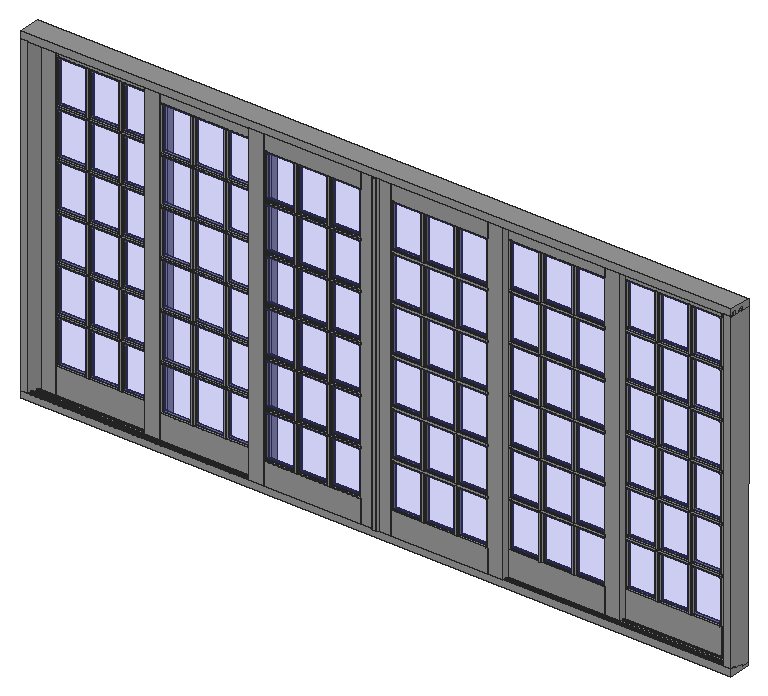
Revit family "VSD4.6SPCOTS", category Doors, host Wall, Revit 2015
Parameters (values of type "VSD4.6SPCOTS")
  Function = Interior
  Frame Projection Ext. = 25 mm
  Frame Projection Int. = 25 mm
  Frame Width = 75 mm
  Height = 2100 mm
  Wall Closure = By host
  Width = 4530 mm
Reference planes
  plane 1: y = 0
  plane 2 "Center (Left/Right)": x = 0
  plane 3 "Left": x = -2265
  plane 4 "Right": x = 2265
  plane 5: z = 2100
  plane 6 "Exterior": y = 75
  plane 7 "Interior": y = -75
  plane 8: x = 2115
  plane 9: x = 2220
  plane 10: x = 1515
  plane 11: x = 1410
  plane 12: x = 105
  plane 13: x = 0
  plane 14: x = 1410
  plane 15: x = 1515
  plane 16: x = 705
  plane 17: x = 810
  plane 18: x = 810
  plane 19: x = 705
  plane 20: x = -2115
  plane 21: x = -2220
  plane 22: x = -1515
  plane 23: x = -1410
  plane 24: x = -105
  plane 25: x = 0
  plane 26: x = -1410
  plane 27: x = -1515
  plane 28: x = -705
  plane 29: x = -810
  plane 30: x = -810
  plane 31: x = -705
Forms (mm)
  Extrusion 1, solid, material "Lauan, Meranti"
    sketch origin (0, 79.18, -119.746) x (0, 1, 0) y (0, 0, 1)
      loop
        line (-149.18, 119.746) -> (-9.18, 119.746) -> (-9.18, 140.746) -> (-61.18, 140.746) -> (-61.18, 151.746) -> (-85.18, 151.746) -> (-85.18, 152.746) -> (-117.18, 152.746) -> (-117.18, 163.746) -> (-141.18, 163.746) -> (-141.18, 164.746) -> (-149.18, 164.746) -> (-149.18, 119.746)
    from -2265 to 2265
  Extrusion 2, solid, material "Lauan, Meranti"
    sketch origin (0, 0, 0) x (0, 1, 0) y (0, 0, 1)
      loop
        line (70, 2100) -> (-70, 2100) -> (-70, 2055) -> (-61, 2055) -> (-61, 2075) -> (-39, 2075) -> (-39, 2055) -> (-5, 2055) -> (-5, 2075) -> (17, 2075) -> (17, 2055) -> (70, 2055) -> (70, 2100)
    from -2265 to 2265
  Extrusion 3, solid, material "Lauan, Meranti"
    sketch origin (0, 0, 0) x (1, 0, 0) y (0, 1, 0)
      loop
        line (-2265, 70) -> (-2265, -70) -> (-2220, -70) -> (-2220, 50) -> (-2222, 50) -> (-2222, 70) -> (-2265, 70)
      loop
        line (2265, 70) -> (2222, 70) -> (2222, 50) -> (2220, 50) -> (2220, -70) -> (2265, -70) -> (2265, 70)
    from 45 to 2055
  Extrusion 4, solid, material "Lauan, Meranti"
    sketch origin (0, 0, 0) x (1, 0, 0) y (0, 1, 0)
      loop
        line (-2220, 50) -> (-2222, 50) -> (-2222, 70) -> (-2265, 70) -> (-2265, -38) -> (-2220, -38) -> (-2220, 50)
      loop
        line (2220, 50) -> (2220, -38) -> (2265, -38) -> (2265, 70) -> (2222, 70) -> (2222, 50) -> (2220, 50)
    from 33 to 45
  Extrusion 5, solid, material "Steel, Chrome Plated"
    sketch origin (0, 0, 0) x (0, 1, 0) y (0, 0, 1)
      loop
        line (-38, 45) -> (-49, 45) -> (-49, 46.882)
        arc (-49, 46.882) -> (-50, 49.5) -> (-51, 46.882) r 1.5
        line (-51, 46.882) -> (-51, 45) -> (-62, 45) -> (-62, 44) -> (-38, 44) -> (-38, 45)
    from -2265 to 2265
  Extrusion 6, solid, material "Lauan, Meranti"
    sketch origin (0, 0, 0) x (1, 0, 0) y (0, 1, 0)
      loop
        line (-2265, 70) -> (-2265, 18) -> (-2220, 18) -> (-2220, 50) -> (-2222, 50) -> (-2222, 70) -> (-2265, 70)
      loop
        line (2265, 70) -> (2222, 70) -> (2222, 50) -> (2220, 50) -> (2220, 18) -> (2265, 18) -> (2265, 70)
    from 21 to 33
  Extrusion 7, solid, material "Steel, Chrome Plated"
    sketch origin (0, 0, 0) x (0, 1, 0) y (0, 0, 1)
      loop
        line (16.5, 2075) -> (-4.5, 2075) -> (-4.5, 2055) -> (-2.3, 2055) -> (-2.3, 2072.8) -> (14.3, 2072.8) -> (14.3, 2055) -> (16.5, 2055) -> (16.5, 2075)
    from -2265 to 2265
  Extrusion 8, solid, material "Steel, Chrome Plated"
    sketch origin (0, -56, 0) x (0, 1, 0) y (0, 0, 1)
      loop
        line (16.5, 2075) -> (-4.5, 2075) -> (-4.5, 2055) -> (-2.3, 2055) -> (-2.3, 2072.8) -> (14.3, 2072.8) -> (14.3, 2055) -> (16.5, 2055) -> (16.5, 2075)
    from -2265 to 2265
  Extrusion 9, solid, material "Steel, Chrome Plated"
    sketch origin (900, 56, -12) x (0, 1, 0) y (0, 0, 1)
      loop
        line (-38, 45) -> (-49, 45) -> (-49, 46.882)
        arc (-49, 46.882) -> (-50, 49.5) -> (-51, 46.882) r 1.5
        line (-51, 46.882) -> (-51, 45) -> (-62, 45) -> (-62, 44) -> (-38, 44) -> (-38, 45)
    from -195 to 1320
  Extrusion 10, solid, material "Lauan, Meranti"
    sketch origin (900, 0, 0) x (1, 0, 0) y (0, 1, 0)
      loop
        line (-804, -70) -> (-804, -68)
        arc (-804, -68) -> (-799.265, -66.44) -> (-797, -62) r 6.549
        line (-797, -62) -> (-795, -62) -> (-795, -60) -> (-804, -60) -> (-804, -30) -> (-900, -30) -> (-900, -70) -> (-804, -70)
      loop
        line (-186, -70) -> (-90, -70) -> (-90, -30) -> (-186, -30) -> (-186, -60) -> (-195, -60) -> (-195, -62) -> (-193, -62)
        arc (-193, -62) -> (-190.735, -66.44) -> (-186, -68) r 6.549
        line (-186, -68) -> (-186, -70)
    from 45 to 2055
  Extrusion 11, solid, material "Lauan, Meranti"
    sketch origin (2530, 104, 0) x (1, 0, 0) y (0, 1, 0)
      loop
        line (-406, -70) -> (-310, -70) -> (-310, -30) -> (-406, -30) -> (-406, -60) -> (-415, -60) -> (-415, -62) -> (-413, -62)
        arc (-413, -62) -> (-410.735, -66.44) -> (-406, -68) r 6.549
        line (-406, -68) -> (-406, -70)
      loop
        line (-1024, -70) -> (-1024, -68)
        arc (-1024, -68) -> (-1019.265, -66.44) -> (-1017, -62) r 6.549
        line (-1017, -62) -> (-1015, -62) -> (-1015, -60) -> (-1024, -60) -> (-1024, -30) -> (-1120, -30) -> (-1120, -70) -> (-1024, -70)
    from 21 to 2055
  Extrusion 12, solid, material "Lauan, Meranti"
    sketch origin (1715, 56, 0) x (1, 0, 0) y (0, 1, 0)
      loop
        line (-296, -70) -> (-200, -70) -> (-200, -30) -> (-296, -30) -> (-296, -60) -> (-305, -60) -> (-305, -62) -> (-303, -62)
        arc (-303, -62) -> (-300.735, -66.44) -> (-296, -68) r 6.549
        line (-296, -68) -> (-296, -70)
      loop
        line (-914, -70) -> (-914, -68)
        arc (-914, -68) -> (-909.265, -66.44) -> (-907, -62) r 6.549
        line (-907, -62) -> (-905, -62) -> (-905, -60) -> (-914, -60) -> (-914, -30) -> (-1010, -30) -> (-1010, -70) -> (-914, -70)
    from 33 to 2055
  Extrusion 13, solid, material "Steel, Chrome Plated"
    sketch origin (-900, 56, -12) x (0, 1, 0) y (0, 0, -1)
      loop
        line (-38, -45) -> (-38, -44) -> (-62, -44) -> (-62, -45) -> (-51, -45) -> (-51, -46.882)
        arc (-51, -46.882) -> (-50, -49.5) -> (-49, -46.882) r 1.5
        line (-49, -46.882) -> (-49, -45) -> (-38, -45)
    from -195 to 1320
  Extrusion 14, solid, material "Lauan, Meranti"
    sketch origin (-900, 0, 0) x (-1, 0, 0) y (0, -1, 0)
      loop
        line (-804, 70) -> (-900, 70) -> (-900, 30) -> (-804, 30) -> (-804, 60) -> (-795, 60) -> (-795, 62) -> (-797, 62)
        arc (-797, 62) -> (-799.265, 66.44) -> (-804, 68) r 6.549
        line (-804, 68) -> (-804, 70)
      loop
        line (-186, 70) -> (-186, 68)
        arc (-186, 68) -> (-190.735, 66.44) -> (-193, 62) r 6.549
        line (-193, 62) -> (-195, 62) -> (-195, 60) -> (-186, 60) -> (-186, 30) -> (-90, 30) -> (-90, 70) -> (-186, 70)
    from 45 to 2055
  Extrusion 15, solid, material "Lauan, Meranti"
    sketch origin (-2530, 104, 0) x (-1, 0, 0) y (0, -1, 0)
      loop
        line (-406, 70) -> (-406, 68)
        arc (-406, 68) -> (-410.735, 66.44) -> (-413, 62) r 6.549
        line (-413, 62) -> (-415, 62) -> (-415, 60) -> (-406, 60) -> (-406, 30) -> (-310, 30) -> (-310, 70) -> (-406, 70)
      loop
        line (-1024, 70) -> (-1120, 70) -> (-1120, 30) -> (-1024, 30) -> (-1024, 60) -> (-1015, 60) -> (-1015, 62) -> (-1017, 62)
        arc (-1017, 62) -> (-1019.265, 66.44) -> (-1024, 68) r 6.549
        line (-1024, 68) -> (-1024, 70)
    from 21 to 2055
  Extrusion 16, solid, material "Lauan, Meranti"
    sketch origin (-1715, 56, 0) x (-1, 0, 0) y (0, -1, 0)
      loop
        line (-296, 70) -> (-296, 68)
        arc (-296, 68) -> (-300.735, 66.44) -> (-303, 62) r 6.549
        line (-303, 62) -> (-305, 62) -> (-305, 60) -> (-296, 60) -> (-296, 30) -> (-200, 30) -> (-200, 70) -> (-296, 70)
      loop
        line (-914, 70) -> (-1010, 70) -> (-1010, 30) -> (-914, 30) -> (-914, 60) -> (-905, 60) -> (-905, 62) -> (-907, 62)
        arc (-907, 62) -> (-909.265, 66.44) -> (-914, 68) r 6.549
        line (-914, 68) -> (-914, 70)
    from 33 to 2055
  Extrusion 17, solid, material "Lauan, Meranti"
    sketch origin (4059.03, -54.5, 6) x (1, 0, 0) y (0, 1, 0)
      loop
        line (-4071.03, -25.5) -> (-4047.03, -25.5) -> (-4047.03, -23.5)
        arc (-4047.03, -23.5) -> (-4041.373, -21.157) -> (-4039.03, -15.5) r 8
        line (-4039.03, -15.5) -> (-4079.03, -15.5)
        arc (-4079.03, -15.5) -> (-4076.687, -21.157) -> (-4071.03, -23.5) r 8
        line (-4071.03, -23.5) -> (-4071.03, -25.5)
      loop
        line (-4071.03, 34.5) -> (-4071.03, 32.5)
        arc (-4071.03, 32.5) -> (-4076.687, 30.157) -> (-4079.03, 24.5) r 8
        line (-4079.03, 24.5) -> (-4039.03, 24.5)
        arc (-4039.03, 24.5) -> (-4041.373, 30.157) -> (-4047.03, 32.5) r 8
        line (-4047.03, 32.5) -> (-4047.03, 34.5) -> (-4071.03, 34.5)
    from 39 to 2049
  Extrusion 18, solid, material "Lauan, Meranti"
    sketch origin (-2375, 49.5, 0) x (0, 1, 0) y (0, 0, -1)
      loop
        line (-15.5, -190) -> (-13.5, -190)
        arc (-13.5, -190) -> (-11.866, -194.67) -> (-7.5, -197) r 6.807
        line (-7.5, -197) -> (-7.5, -199) -> (-5.5, -199) -> (-5.5, -190) -> (24.5, -190) -> (24.5, -21) -> (-15.5, -21) -> (-15.5, -190)
      loop
        arc (-7.5, -1952) -> (-11.866, -1954.33) -> (-13.5, -1959) r 6.807
        line (-13.5, -1959) -> (-15.5, -1959) -> (-15.5, -2055) -> (24.5, -2055) -> (24.5, -1959) -> (-5.5, -1959) -> (-5.5, -1950) -> (-7.5, -1950) -> (-7.5, -1952)
      loop
        line (-15.5, -1675) -> (-13.5, -1675)
        arc (-13.5, -1675) -> (-11.866, -1679.67) -> (-7.5, -1682) r 6.807
        line (-7.5, -1682) -> (-7.5, -1684) -> (-5.5, -1684) -> (-5.5, -1675) -> (24.5, -1675) -> (24.5, -1662) -> (-5.5, -1662) -> (-5.5, -1653) -> (-7.5, -1653) -> (-7.5, -1655)
        arc (-7.5, -1655) -> (-11.866, -1657.33) -> (-13.5, -1662) r 6.807
        line (-13.5, -1662) -> (-15.5, -1662) -> (-15.5, -1675)
      loop
        line (-15.5, -1378) -> (-13.5, -1378)
        arc (-13.5, -1378) -> (-11.866, -1382.67) -> (-7.5, -1385) r 6.807
        line (-7.5, -1385) -> (-7.5, -1387) -> (-5.5, -1387) -> (-5.5, -1378) -> (24.5, -1378) -> (24.5, -1365) -> (-5.5, -1365) -> (-5.5, -1356) -> (-7.5, -1356) -> (-7.5, -1358)
        arc (-7.5, -1358) -> (-11.866, -1360.33) -> (-13.5, -1365) r 6.807
        line (-13.5, -1365) -> (-15.5, -1365) -> (-15.5, -1378)
      loop
        line (-15.5, -1081) -> (-13.5, -1081)
        arc (-13.5, -1081) -> (-11.866, -1085.67) -> (-7.5, -1088) r 6.807
        line (-7.5, -1088) -> (-7.5, -1090) -> (-5.5, -1090) -> (-5.5, -1081) -> (24.5, -1081) -> (24.5, -1068) -> (-5.5, -1068) -> (-5.5, -1059) -> (-7.5, -1059) -> (-7.5, -1061)
        arc (-7.5, -1061) -> (-11.866, -1063.33) -> (-13.5, -1068) r 6.807
        line (-13.5, -1068) -> (-15.5, -1068) -> (-15.5, -1081)
      loop
        line (-15.5, -784) -> (-13.5, -784)
        arc (-13.5, -784) -> (-11.866, -788.67) -> (-7.5, -791) r 6.807
        line (-7.5, -791) -> (-7.5, -793) -> (-5.5, -793) -> (-5.5, -784) -> (24.5, -784) -> (24.5, -771) -> (-5.5, -771) -> (-5.5, -762) -> (-7.5, -762) -> (-7.5, -764)
        arc (-7.5, -764) -> (-11.866, -766.33) -> (-13.5, -771) r 6.807
        line (-13.5, -771) -> (-15.5, -771) -> (-15.5, -784)
      loop
        line (-15.5, -487) -> (-13.5, -487)
        arc (-13.5, -487) -> (-11.866, -491.67) -> (-7.5, -494) r 6.807
        line (-7.5, -494) -> (-7.5, -496) -> (-5.5, -496) -> (-5.5, -487) -> (24.5, -487) -> (24.5, -474) -> (-5.5, -474) -> (-5.5, -465) -> (-7.5, -465) -> (-7.5, -467)
        arc (-7.5, -467) -> (-11.866, -469.33) -> (-13.5, -474) r 6.807
        line (-13.5, -474) -> (-15.5, -474) -> (-15.5, -487)
    from -869 to -251
  Sweep 19, solid, material "Lauan, Meranti"
    path origin (-1610.605, -72, -781.763) x (-1, 0, 0) y (0, 0, -1)
      loop
        line (316.075, -2740.763) -> (513.395, -2740.763) -> (513.395, -2456.763) -> (316.075, -2456.763) -> (316.075, -2740.763)
    profile origin (-2025.34, -72, 1959) x (0, 0, -1) y (0, -1, 0)
      loop
        line (9, -124.5) -> (0, -124.5) -> (0, -132.5)
        arc (0, -132.5) -> (4.67, -130.866) -> (7, -126.5) r 6.807
        line (7, -126.5) -> (9, -126.5) -> (9, -124.5)
  Extrusion 20, solid, material "Glass"
    sketch origin (-1883.125, -61.05, -73.649) x (-1, 0, 0) y (0, 0, -1)
      loop
        line (43.555, -2032.649) -> (240.865, -2032.649) -> (240.865, -1748.66) -> (43.555, -1748.66) -> (43.555, -2032.649)
      loop
        line (43.565, -1735.638) -> (240.875, -1735.638) -> (240.875, -1451.649) -> (43.565, -1451.649) -> (43.565, -1735.638)
      loop
        line (43.565, -1438.638) -> (240.865, -1438.638) -> (240.865, -1154.66) -> (43.565, -1154.66) -> (43.565, -1438.638)
      loop
        line (43.565, -1141.638) -> (240.865, -1141.638) -> (240.865, -857.66) -> (43.565, -857.66) -> (43.565, -1141.638)
      loop
        line (43.565, -844.638) -> (240.875, -844.638) -> (240.875, -560.649) -> (43.565, -560.649) -> (43.565, -844.638)
      loop
        line (43.555, -547.649) -> (240.875, -547.649) -> (240.875, -263.649) -> (43.555, -263.649) -> (43.555, -547.649)
      loop
        line (-166.765, -2032.649) -> (30.545, -2032.649) -> (30.545, -1748.66) -> (-166.765, -1748.66) -> (-166.765, -2032.649)
      loop
        line (-166.755, -1735.638) -> (30.555, -1735.638) -> (30.555, -1451.649) -> (-166.755, -1451.649) -> (-166.755, -1735.638)
      loop
        line (-166.755, -1438.638) -> (30.545, -1438.638) -> (30.545, -1154.66) -> (-166.755, -1154.66) -> (-166.755, -1438.638)
      loop
        line (-166.755, -1141.638) -> (30.545, -1141.638) -> (30.545, -857.66) -> (-166.755, -857.66) -> (-166.755, -1141.638)
      loop
        line (-166.755, -844.638) -> (30.555, -844.638) -> (30.555, -560.649) -> (-166.755, -560.649) -> (-166.755, -844.638)
      loop
        line (-166.765, -547.649) -> (30.555, -547.649) -> (30.555, -263.649) -> (-166.765, -263.649) -> (-166.765, -547.649)
      loop
        line (-377.125, -2032.649) -> (-179.815, -2032.649) -> (-179.815, -1748.66) -> (-377.125, -1748.66) -> (-377.125, -2032.649)
      loop
        line (-377.115, -1735.638) -> (-179.805, -1735.638) -> (-179.805, -1451.649) -> (-377.115, -1451.649) -> (-377.115, -1735.638)
      loop
        line (-377.115, -1438.638) -> (-179.815, -1438.638) -> (-179.815, -1154.66) -> (-377.115, -1154.66) -> (-377.115, -1438.638)
      loop
        line (-377.115, -1141.638) -> (-179.815, -1141.638) -> (-179.815, -857.66) -> (-377.115, -857.66) -> (-377.115, -1141.638)
      loop
        line (-377.115, -844.638) -> (-179.805, -844.638) -> (-179.805, -560.649) -> (-377.115, -560.649) -> (-377.115, -844.638)
      loop
        line (-377.125, -547.649) -> (-179.805, -547.649) -> (-179.805, -263.649) -> (-377.125, -263.649) -> (-377.125, -547.649)
    from -112.5 to -106.1
  Extrusion 21, solid, material "Lauan, Meranti"
    sketch origin (-1355, 3, 0) x (-1, 0, 0) y (0, -1, 0)
      loop
        line (348.34, -31) -> (348.34, -33)
        arc (348.34, -33) -> (343.67, -34.634) -> (341.34, -39) r 6.807
        line (341.34, -39) -> (339.34, -39) -> (339.34, -41) -> (348.34, -41) -> (348.34, -71) -> (361.34, -71) -> (361.34, -41) -> (370.34, -41) -> (370.34, -39) -> (368.34, -39)
        arc (368.34, -39) -> (366.01, -34.634) -> (361.34, -33) r 6.807
        line (361.34, -33) -> (361.34, -31) -> (348.34, -31)
      loop
        line (558.68, -31) -> (558.68, -33)
        arc (558.68, -33) -> (554.01, -34.634) -> (551.68, -39) r 6.807
        line (551.68, -39) -> (549.68, -39) -> (549.68, -41) -> (558.68, -41) -> (558.68, -71) -> (571.68, -71) -> (571.68, -41) -> (580.68, -41) -> (580.68, -39) -> (578.68, -39)
        arc (578.68, -39) -> (576.35, -34.634) -> (571.68, -33) r 6.807
        line (571.68, -33) -> (571.68, -31) -> (558.68, -31)
    from 1675 to 1959
  Sweep 22, solid, material "Lauan, Meranti"
    path origin (-1400.285, -72, -781.763) x (-1, 0, 0) y (0, 0, -1)
      loop
        line (316.075, -2740.763) -> (513.395, -2740.763) -> (513.395, -2456.763) -> (316.075, -2456.763) -> (316.075, -2740.763)
    profile origin (-1815.02, -72, 1959) x (0, 0, -1) y (0, -1, 0)
      loop
        line (9, -124.5) -> (0, -124.5) -> (0, -132.5)
        arc (0, -132.5) -> (4.67, -130.866) -> (7, -126.5) r 6.807
        line (7, -126.5) -> (9, -126.5) -> (9, -124.5)
  Sweep 23, solid, material "Lauan, Meranti"
    path origin (-1189.945, -72, -781.763) x (-1, 0, 0) y (0, 0, -1)
      loop
        line (316.075, -2740.763) -> (513.395, -2740.763) -> (513.395, -2456.763) -> (316.075, -2456.763) -> (316.075, -2740.763)
    profile origin (-1604.68, -72, 1959) x (0, 0, -1) y (0, -1, 0)
      loop
        line (9, -124.5) -> (0, -124.5) -> (0, -132.5)
        arc (0, -132.5) -> (4.67, -130.866) -> (7, -126.5) r 6.807
        line (7, -126.5) -> (9, -126.5) -> (9, -124.5)
  Sweep 24, solid, material "Lauan, Meranti"
    path origin (-1610.605, -72, -1078.763) x (-1, 0, 0) y (0, 0, -1)
      loop
        line (316.075, -2740.763) -> (513.395, -2740.763) -> (513.395, -2456.763) -> (316.075, -2456.763) -> (316.075, -2740.763)
    profile origin (-2025.34, -72, 1662) x (0, 0, -1) y (0, -1, 0)
      loop
        line (9, -124.5) -> (0, -124.5) -> (0, -132.5)
        arc (0, -132.5) -> (4.67, -130.866) -> (7, -126.5) r 6.807
        line (7, -126.5) -> (9, -126.5) -> (9, -124.5)
  Extrusion 25, solid, material "Lauan, Meranti"
    sketch origin (-1355, 3, -297) x (-1, 0, 0) y (0, -1, 0)
      loop
        line (348.34, -31) -> (348.34, -33)
        arc (348.34, -33) -> (343.67, -34.634) -> (341.34, -39) r 6.807
        line (341.34, -39) -> (339.34, -39) -> (339.34, -41) -> (348.34, -41) -> (348.34, -71) -> (361.34, -71) -> (361.34, -41) -> (370.34, -41) -> (370.34, -39) -> (368.34, -39)
        arc (368.34, -39) -> (366.01, -34.634) -> (361.34, -33) r 6.807
        line (361.34, -33) -> (361.34, -31) -> (348.34, -31)
      loop
        line (558.68, -31) -> (558.68, -33)
        arc (558.68, -33) -> (554.01, -34.634) -> (551.68, -39) r 6.807
        line (551.68, -39) -> (549.68, -39) -> (549.68, -41) -> (558.68, -41) -> (558.68, -71) -> (571.68, -71) -> (571.68, -41) -> (580.68, -41) -> (580.68, -39) -> (578.68, -39)
        arc (578.68, -39) -> (576.35, -34.634) -> (571.68, -33) r 6.807
        line (571.68, -33) -> (571.68, -31) -> (558.68, -31)
    from 1675 to 1959
  Sweep 26, solid, material "Lauan, Meranti"
    path origin (-1400.285, -72, -1078.763) x (-1, 0, 0) y (0, 0, -1)
      loop
        line (316.075, -2740.763) -> (513.395, -2740.763) -> (513.395, -2456.763) -> (316.075, -2456.763) -> (316.075, -2740.763)
    profile origin (-1815.02, -72, 1662) x (0, 0, -1) y (0, -1, 0)
      loop
        line (9, -124.5) -> (0, -124.5) -> (0, -132.5)
        arc (0, -132.5) -> (4.67, -130.866) -> (7, -126.5) r 6.807
        line (7, -126.5) -> (9, -126.5) -> (9, -124.5)
  Sweep 27, solid, material "Lauan, Meranti"
    path origin (-1189.945, -72, -1078.763) x (-1, 0, 0) y (0, 0, -1)
      loop
        line (316.075, -2740.763) -> (513.395, -2740.763) -> (513.395, -2456.763) -> (316.075, -2456.763) -> (316.075, -2740.763)
    profile origin (-1604.68, -72, 1662) x (0, 0, -1) y (0, -1, 0)
      loop
        line (9, -124.5) -> (0, -124.5) -> (0, -132.5)
        arc (0, -132.5) -> (4.67, -130.866) -> (7, -126.5) r 6.807
        line (7, -126.5) -> (9, -126.5) -> (9, -124.5)
  Sweep 28, solid, material "Lauan, Meranti"
    path origin (-1610.605, -72, -1375.763) x (-1, 0, 0) y (0, 0, -1)
      loop
        line (316.075, -2740.763) -> (513.395, -2740.763) -> (513.395, -2456.763) -> (316.075, -2456.763) -> (316.075, -2740.763)
    profile origin (-2025.34, -72, 1365) x (0, 0, -1) y (0, -1, 0)
      loop
        line (9, -124.5) -> (0, -124.5) -> (0, -132.5)
        arc (0, -132.5) -> (4.67, -130.866) -> (7, -126.5) r 6.807
        line (7, -126.5) -> (9, -126.5) -> (9, -124.5)
  Extrusion 29, solid, material "Lauan, Meranti"
    sketch origin (-1355, 3, -594) x (-1, 0, 0) y (0, -1, 0)
      loop
        line (348.34, -31) -> (348.34, -33)
        arc (348.34, -33) -> (343.67, -34.634) -> (341.34, -39) r 6.807
        line (341.34, -39) -> (339.34, -39) -> (339.34, -41) -> (348.34, -41) -> (348.34, -71) -> (361.34, -71) -> (361.34, -41) -> (370.34, -41) -> (370.34, -39) -> (368.34, -39)
        arc (368.34, -39) -> (366.01, -34.634) -> (361.34, -33) r 6.807
        line (361.34, -33) -> (361.34, -31) -> (348.34, -31)
      loop
        line (558.68, -31) -> (558.68, -33)
        arc (558.68, -33) -> (554.01, -34.634) -> (551.68, -39) r 6.807
        line (551.68, -39) -> (549.68, -39) -> (549.68, -41) -> (558.68, -41) -> (558.68, -71) -> (571.68, -71) -> (571.68, -41) -> (580.68, -41) -> (580.68, -39) -> (578.68, -39)
        arc (578.68, -39) -> (576.35, -34.634) -> (571.68, -33) r 6.807
        line (571.68, -33) -> (571.68, -31) -> (558.68, -31)
    from 1675 to 1959
  Sweep 30, solid, material "Lauan, Meranti"
    path origin (-1400.285, -72, -1375.763) x (-1, 0, 0) y (0, 0, -1)
      loop
        line (316.075, -2740.763) -> (513.395, -2740.763) -> (513.395, -2456.763) -> (316.075, -2456.763) -> (316.075, -2740.763)
    profile origin (-1815.02, -72, 1365) x (0, 0, -1) y (0, -1, 0)
      loop
        line (9, -124.5) -> (0, -124.5) -> (0, -132.5)
        arc (0, -132.5) -> (4.67, -130.866) -> (7, -126.5) r 6.807
        line (7, -126.5) -> (9, -126.5) -> (9, -124.5)
  Sweep 31, solid, material "Lauan, Meranti"
    path origin (-1189.945, -72, -1375.763) x (-1, 0, 0) y (0, 0, -1)
      loop
        line (316.075, -2740.763) -> (513.395, -2740.763) -> (513.395, -2456.763) -> (316.075, -2456.763) -> (316.075, -2740.763)
    profile origin (-1604.68, -72, 1365) x (0, 0, -1) y (0, -1, 0)
      loop
        line (9, -124.5) -> (0, -124.5) -> (0, -132.5)
        arc (0, -132.5) -> (4.67, -130.866) -> (7, -126.5) r 6.807
        line (7, -126.5) -> (9, -126.5) -> (9, -124.5)
  Sweep 32, solid, material "Lauan, Meranti"
    path origin (-1610.605, -72, -1672.763) x (-1, 0, 0) y (0, 0, -1)
      loop
        line (316.075, -2740.763) -> (513.395, -2740.763) -> (513.395, -2456.763) -> (316.075, -2456.763) -> (316.075, -2740.763)
    profile origin (-2025.34, -72, 1068) x (0, 0, -1) y (0, -1, 0)
      loop
        line (9, -124.5) -> (0, -124.5) -> (0, -132.5)
        arc (0, -132.5) -> (4.67, -130.866) -> (7, -126.5) r 6.807
        line (7, -126.5) -> (9, -126.5) -> (9, -124.5)
  Extrusion 33, solid, material "Lauan, Meranti"
    sketch origin (-1355, 3, -891) x (-1, 0, 0) y (0, -1, 0)
      loop
        line (348.34, -31) -> (348.34, -33)
        arc (348.34, -33) -> (343.67, -34.634) -> (341.34, -39) r 6.807
        line (341.34, -39) -> (339.34, -39) -> (339.34, -41) -> (348.34, -41) -> (348.34, -71) -> (361.34, -71) -> (361.34, -41) -> (370.34, -41) -> (370.34, -39) -> (368.34, -39)
        arc (368.34, -39) -> (366.01, -34.634) -> (361.34, -33) r 6.807
        line (361.34, -33) -> (361.34, -31) -> (348.34, -31)
      loop
        line (558.68, -31) -> (558.68, -33)
        arc (558.68, -33) -> (554.01, -34.634) -> (551.68, -39) r 6.807
        line (551.68, -39) -> (549.68, -39) -> (549.68, -41) -> (558.68, -41) -> (558.68, -71) -> (571.68, -71) -> (571.68, -41) -> (580.68, -41) -> (580.68, -39) -> (578.68, -39)
        arc (578.68, -39) -> (576.35, -34.634) -> (571.68, -33) r 6.807
        line (571.68, -33) -> (571.68, -31) -> (558.68, -31)
    from 1675 to 1959
  Sweep 34, solid, material "Lauan, Meranti"
    path origin (-1400.285, -72, -1672.763) x (-1, 0, 0) y (0, 0, -1)
      loop
        line (316.075, -2740.763) -> (513.395, -2740.763) -> (513.395, -2456.763) -> (316.075, -2456.763) -> (316.075, -2740.763)
    profile origin (-1815.02, -72, 1068) x (0, 0, -1) y (0, -1, 0)
      loop
        line (9, -124.5) -> (0, -124.5) -> (0, -132.5)
        arc (0, -132.5) -> (4.67, -130.866) -> (7, -126.5) r 6.807
        line (7, -126.5) -> (9, -126.5) -> (9, -124.5)
  Sweep 35, solid, material "Lauan, Meranti"
    path origin (-1189.945, -72, -1672.763) x (-1, 0, 0) y (0, 0, -1)
      loop
        line (316.075, -2740.763) -> (513.395, -2740.763) -> (513.395, -2456.763) -> (316.075, -2456.763) -> (316.075, -2740.763)
    profile origin (-1604.68, -72, 1068) x (0, 0, -1) y (0, -1, 0)
      loop
        line (9, -124.5) -> (0, -124.5) -> (0, -132.5)
        arc (0, -132.5) -> (4.67, -130.866) -> (7, -126.5) r 6.807
        line (7, -126.5) -> (9, -126.5) -> (9, -124.5)
  Sweep 36, solid, material "Lauan, Meranti"
    path origin (-1610.605, -72, -1969.763) x (-1, 0, 0) y (0, 0, -1)
      loop
        line (316.075, -2740.763) -> (513.395, -2740.763) -> (513.395, -2456.763) -> (316.075, -2456.763) -> (316.075, -2740.763)
    profile origin (-2025.34, -72, 771) x (0, 0, -1) y (0, -1, 0)
      loop
        line (9, -124.5) -> (0, -124.5) -> (0, -132.5)
        arc (0, -132.5) -> (4.67, -130.866) -> (7, -126.5) r 6.807
        line (7, -126.5) -> (9, -126.5) -> (9, -124.5)
  Extrusion 37, solid, material "Lauan, Meranti"
    sketch origin (-1355, 3, -1188) x (-1, 0, 0) y (0, -1, 0)
      loop
        line (348.34, -31) -> (348.34, -33)
        arc (348.34, -33) -> (343.67, -34.634) -> (341.34, -39) r 6.807
        line (341.34, -39) -> (339.34, -39) -> (339.34, -41) -> (348.34, -41) -> (348.34, -71) -> (361.34, -71) -> (361.34, -41) -> (370.34, -41) -> (370.34, -39) -> (368.34, -39)
        arc (368.34, -39) -> (366.01, -34.634) -> (361.34, -33) r 6.807
        line (361.34, -33) -> (361.34, -31) -> (348.34, -31)
      loop
        line (558.68, -31) -> (558.68, -33)
        arc (558.68, -33) -> (554.01, -34.634) -> (551.68, -39) r 6.807
        line (551.68, -39) -> (549.68, -39) -> (549.68, -41) -> (558.68, -41) -> (558.68, -71) -> (571.68, -71) -> (571.68, -41) -> (580.68, -41) -> (580.68, -39) -> (578.68, -39)
        arc (578.68, -39) -> (576.35, -34.634) -> (571.68, -33) r 6.807
        line (571.68, -33) -> (571.68, -31) -> (558.68, -31)
    from 1675 to 1959
  Sweep 38, solid, material "Lauan, Meranti"
    path origin (-1400.285, -72, -1969.763) x (-1, 0, 0) y (0, 0, -1)
      loop
        line (316.075, -2740.763) -> (513.395, -2740.763) -> (513.395, -2456.763) -> (316.075, -2456.763) -> (316.075, -2740.763)
    profile origin (-1815.02, -72, 771) x (0, 0, -1) y (0, -1, 0)
      loop
        line (9, -124.5) -> (0, -124.5) -> (0, -132.5)
        arc (0, -132.5) -> (4.67, -130.866) -> (7, -126.5) r 6.807
        line (7, -126.5) -> (9, -126.5) -> (9, -124.5)
  Sweep 39, solid, material "Lauan, Meranti"
    path origin (-1189.945, -72, -1969.763) x (-1, 0, 0) y (0, 0, -1)
      loop
        line (316.075, -2740.763) -> (513.395, -2740.763) -> (513.395, -2456.763) -> (316.075, -2456.763) -> (316.075, -2740.763)
    profile origin (-1604.68, -72, 771) x (0, 0, -1) y (0, -1, 0)
      loop
        line (9, -124.5) -> (0, -124.5) -> (0, -132.5)
        arc (0, -132.5) -> (4.67, -130.866) -> (7, -126.5) r 6.807
        line (7, -126.5) -> (9, -126.5) -> (9, -124.5)
  Sweep 40, solid, material "Lauan, Meranti"
    path origin (-1610.605, -72, -2266.763) x (-1, 0, 0) y (0, 0, -1)
      loop
        line (316.075, -2740.763) -> (513.395, -2740.763) -> (513.395, -2456.763) -> (316.075, -2456.763) -> (316.075, -2740.763)
    profile origin (-2025.34, -72, 474) x (0, 0, -1) y (0, -1, 0)
      loop
        line (9, -124.5) -> (0, -124.5) -> (0, -132.5)
        arc (0, -132.5) -> (4.67, -130.866) -> (7, -126.5) r 6.807
        line (7, -126.5) -> (9, -126.5) -> (9, -124.5)
  Extrusion 41, solid, material "Lauan, Meranti"
    sketch origin (-1355, 3, -1485) x (-1, 0, 0) y (0, -1, 0)
      loop
        line (348.34, -31) -> (348.34, -33)
        arc (348.34, -33) -> (343.67, -34.634) -> (341.34, -39) r 6.807
        line (341.34, -39) -> (339.34, -39) -> (339.34, -41) -> (348.34, -41) -> (348.34, -71) -> (361.34, -71) -> (361.34, -41) -> (370.34, -41) -> (370.34, -39) -> (368.34, -39)
        arc (368.34, -39) -> (366.01, -34.634) -> (361.34, -33) r 6.807
        line (361.34, -33) -> (361.34, -31) -> (348.34, -31)
      loop
        line (558.68, -31) -> (558.68, -33)
        arc (558.68, -33) -> (554.01, -34.634) -> (551.68, -39) r 6.807
        line (551.68, -39) -> (549.68, -39) -> (549.68, -41) -> (558.68, -41) -> (558.68, -71) -> (571.68, -71) -> (571.68, -41) -> (580.68, -41) -> (580.68, -39) -> (578.68, -39)
        arc (578.68, -39) -> (576.35, -34.634) -> (571.68, -33) r 6.807
        line (571.68, -33) -> (571.68, -31) -> (558.68, -31)
    from 1675 to 1959
  Sweep 42, solid, material "Lauan, Meranti"
    path origin (-1400.285, -72, -2266.763) x (-1, 0, 0) y (0, 0, -1)
      loop
        line (316.075, -2740.763) -> (513.395, -2740.763) -> (513.395, -2456.763) -> (316.075, -2456.763) -> (316.075, -2740.763)
    profile origin (-1815.02, -72, 474) x (0, 0, -1) y (0, -1, 0)
      loop
        line (9, -124.5) -> (0, -124.5) -> (0, -132.5)
        arc (0, -132.5) -> (4.67, -130.866) -> (7, -126.5) r 6.807
        line (7, -126.5) -> (9, -126.5) -> (9, -124.5)
  Sweep 43, solid, material "Lauan, Meranti"
    path origin (-1189.945, -72, -2266.763) x (-1, 0, 0) y (0, 0, -1)
      loop
        line (316.075, -2740.763) -> (513.395, -2740.763) -> (513.395, -2456.763) -> (316.075, -2456.763) -> (316.075, -2740.763)
    profile origin (-1604.68, -72, 474) x (0, 0, -1) y (0, -1, 0)
      loop
        line (9, -124.5) -> (0, -124.5) -> (0, -132.5)
        arc (0, -132.5) -> (4.67, -130.866) -> (7, -126.5) r 6.807
        line (7, -126.5) -> (9, -126.5) -> (9, -124.5)
  Extrusion 44, solid, material "Lauan, Meranti"
    sketch origin (-1670, 1.5, 0) x (0, 1, 0) y (0, 0, -1)
      loop
        line (-15.5, -190) -> (-13.5, -190)
        arc (-13.5, -190) -> (-11.866, -194.67) -> (-7.5, -197) r 6.807
        line (-7.5, -197) -> (-7.5, -199) -> (-5.5, -199) -> (-5.5, -190) -> (24.5, -190) -> (24.5, -33) -> (-15.5, -33) -> (-15.5, -190)
      loop
        arc (-7.5, -1952) -> (-11.866, -1954.33) -> (-13.5, -1959) r 6.807
        line (-13.5, -1959) -> (-15.5, -1959) -> (-15.5, -2055) -> (24.5, -2055) -> (24.5, -1959) -> (-5.5, -1959) -> (-5.5, -1950) -> (-7.5, -1950) -> (-7.5, -1952)
      loop
        line (-15.5, -1675) -> (-13.5, -1675)
        arc (-13.5, -1675) -> (-11.866, -1679.67) -> (-7.5, -1682) r 6.807
        line (-7.5, -1682) -> (-7.5, -1684) -> (-5.5, -1684) -> (-5.5, -1675) -> (24.5, -1675) -> (24.5, -1662) -> (-5.5, -1662) -> (-5.5, -1653) -> (-7.5, -1653) -> (-7.5, -1655)
        arc (-7.5, -1655) -> (-11.866, -1657.33) -> (-13.5, -1662) r 6.807
        line (-13.5, -1662) -> (-15.5, -1662) -> (-15.5, -1675)
      loop
        line (-15.5, -1378) -> (-13.5, -1378)
        arc (-13.5, -1378) -> (-11.866, -1382.67) -> (-7.5, -1385) r 6.807
        line (-7.5, -1385) -> (-7.5, -1387) -> (-5.5, -1387) -> (-5.5, -1378) -> (24.5, -1378) -> (24.5, -1365) -> (-5.5, -1365) -> (-5.5, -1356) -> (-7.5, -1356) -> (-7.5, -1358)
        arc (-7.5, -1358) -> (-11.866, -1360.33) -> (-13.5, -1365) r 6.807
        line (-13.5, -1365) -> (-15.5, -1365) -> (-15.5, -1378)
      loop
        line (-15.5, -1081) -> (-13.5, -1081)
        arc (-13.5, -1081) -> (-11.866, -1085.67) -> (-7.5, -1088) r 6.807
        line (-7.5, -1088) -> (-7.5, -1090) -> (-5.5, -1090) -> (-5.5, -1081) -> (24.5, -1081) -> (24.5, -1068) -> (-5.5, -1068) -> (-5.5, -1059) -> (-7.5, -1059) -> (-7.5, -1061)
        arc (-7.5, -1061) -> (-11.866, -1063.33) -> (-13.5, -1068) r 6.807
        line (-13.5, -1068) -> (-15.5, -1068) -> (-15.5, -1081)
      loop
        line (-15.5, -784) -> (-13.5, -784)
        arc (-13.5, -784) -> (-11.866, -788.67) -> (-7.5, -791) r 6.807
        line (-7.5, -791) -> (-7.5, -793) -> (-5.5, -793) -> (-5.5, -784) -> (24.5, -784) -> (24.5, -771) -> (-5.5, -771) -> (-5.5, -762) -> (-7.5, -762) -> (-7.5, -764)
        arc (-7.5, -764) -> (-11.866, -766.33) -> (-13.5, -771) r 6.807
        line (-13.5, -771) -> (-15.5, -771) -> (-15.5, -784)
      loop
        line (-15.5, -487) -> (-13.5, -487)
        arc (-13.5, -487) -> (-11.866, -491.67) -> (-7.5, -494) r 6.807
        line (-7.5, -494) -> (-7.5, -496) -> (-5.5, -496) -> (-5.5, -487) -> (24.5, -487) -> (24.5, -474) -> (-5.5, -474) -> (-5.5, -465) -> (-7.5, -465) -> (-7.5, -467)
        arc (-7.5, -467) -> (-11.866, -469.33) -> (-13.5, -474) r 6.807
        line (-13.5, -474) -> (-15.5, -474) -> (-15.5, -487)
    from -869 to -251
  Sweep 45, solid, material "Lauan, Meranti"
    path origin (-905.605, -120, -781.763) x (-1, 0, 0) y (0, 0, -1)
      loop
        line (316.075, -2740.763) -> (513.395, -2740.763) -> (513.395, -2456.763) -> (316.075, -2456.763) -> (316.075, -2740.763)
    profile origin (-1320.34, -120, 1959) x (0, 0, -1) y (0, -1, 0)
      loop
        line (9, -124.5) -> (0, -124.5) -> (0, -132.5)
        arc (0, -132.5) -> (4.67, -130.866) -> (7, -126.5) r 6.807
        line (7, -126.5) -> (9, -126.5) -> (9, -124.5)
  Extrusion 46, solid, material "Lauan, Meranti"
    sketch origin (-650, -45, 0) x (-1, 0, 0) y (0, -1, 0)
      loop
        line (348.34, -31) -> (348.34, -33)
        arc (348.34, -33) -> (343.67, -34.634) -> (341.34, -39) r 6.807
        line (341.34, -39) -> (339.34, -39) -> (339.34, -41) -> (348.34, -41) -> (348.34, -71) -> (361.34, -71) -> (361.34, -41) -> (370.34, -41) -> (370.34, -39) -> (368.34, -39)
        arc (368.34, -39) -> (366.01, -34.634) -> (361.34, -33) r 6.807
        line (361.34, -33) -> (361.34, -31) -> (348.34, -31)
      loop
        line (558.68, -31) -> (558.68, -33)
        arc (558.68, -33) -> (554.01, -34.634) -> (551.68, -39) r 6.807
        line (551.68, -39) -> (549.68, -39) -> (549.68, -41) -> (558.68, -41) -> (558.68, -71) -> (571.68, -71) -> (571.68, -41) -> (580.68, -41) -> (580.68, -39) -> (578.68, -39)
        arc (578.68, -39) -> (576.35, -34.634) -> (571.68, -33) r 6.807
        line (571.68, -33) -> (571.68, -31) -> (558.68, -31)
    from 1675 to 1959
  Sweep 47, solid, material "Lauan, Meranti"
    path origin (-695.285, -120, -781.763) x (-1, 0, 0) y (0, 0, -1)
      loop
        line (316.075, -2740.763) -> (513.395, -2740.763) -> (513.395, -2456.763) -> (316.075, -2456.763) -> (316.075, -2740.763)
    profile origin (-1110.02, -120, 1959) x (0, 0, -1) y (0, -1, 0)
      loop
        line (9, -124.5) -> (0, -124.5) -> (0, -132.5)
        arc (0, -132.5) -> (4.67, -130.866) -> (7, -126.5) r 6.807
        line (7, -126.5) -> (9, -126.5) -> (9, -124.5)
  Sweep 48, solid, material "Lauan, Meranti"
    path origin (-484.945, -120, -781.763) x (-1, 0, 0) y (0, 0, -1)
      loop
        line (316.075, -2740.763) -> (513.395, -2740.763) -> (513.395, -2456.763) -> (316.075, -2456.763) -> (316.075, -2740.763)
    profile origin (-899.68, -120, 1959) x (0, 0, -1) y (0, -1, 0)
      loop
        line (9, -124.5) -> (0, -124.5) -> (0, -132.5)
        arc (0, -132.5) -> (4.67, -130.866) -> (7, -126.5) r 6.807
        line (7, -126.5) -> (9, -126.5) -> (9, -124.5)
  Sweep 49, solid, material "Lauan, Meranti"
    path origin (-905.605, -120, -1078.763) x (-1, 0, 0) y (0, 0, -1)
      loop
        line (316.075, -2740.763) -> (513.395, -2740.763) -> (513.395, -2456.763) -> (316.075, -2456.763) -> (316.075, -2740.763)
    profile origin (-1320.34, -120, 1662) x (0, 0, -1) y (0, -1, 0)
      loop
        line (9, -124.5) -> (0, -124.5) -> (0, -132.5)
        arc (0, -132.5) -> (4.67, -130.866) -> (7, -126.5) r 6.807
        line (7, -126.5) -> (9, -126.5) -> (9, -124.5)
  Extrusion 50, solid, material "Lauan, Meranti"
    sketch origin (-650, -45, -297) x (-1, 0, 0) y (0, -1, 0)
      loop
        line (348.34, -31) -> (348.34, -33)
        arc (348.34, -33) -> (343.67, -34.634) -> (341.34, -39) r 6.807
        line (341.34, -39) -> (339.34, -39) -> (339.34, -41) -> (348.34, -41) -> (348.34, -71) -> (361.34, -71) -> (361.34, -41) -> (370.34, -41) -> (370.34, -39) -> (368.34, -39)
        arc (368.34, -39) -> (366.01, -34.634) -> (361.34, -33) r 6.807
        line (361.34, -33) -> (361.34, -31) -> (348.34, -31)
      loop
        line (558.68, -31) -> (558.68, -33)
        arc (558.68, -33) -> (554.01, -34.634) -> (551.68, -39) r 6.807
        line (551.68, -39) -> (549.68, -39) -> (549.68, -41) -> (558.68, -41) -> (558.68, -71) -> (571.68, -71) -> (571.68, -41) -> (580.68, -41) -> (580.68, -39) -> (578.68, -39)
        arc (578.68, -39) -> (576.35, -34.634) -> (571.68, -33) r 6.807
        line (571.68, -33) -> (571.68, -31) -> (558.68, -31)
    from 1675 to 1959
  Sweep 51, solid, material "Lauan, Meranti"
    path origin (-695.285, -120, -1078.763) x (-1, 0, 0) y (0, 0, -1)
      loop
        line (316.075, -2740.763) -> (513.395, -2740.763) -> (513.395, -2456.763) -> (316.075, -2456.763) -> (316.075, -2740.763)
    profile origin (-1110.02, -120, 1662) x (0, 0, -1) y (0, -1, 0)
      loop
        line (9, -124.5) -> (0, -124.5) -> (0, -132.5)
        arc (0, -132.5) -> (4.67, -130.866) -> (7, -126.5) r 6.807
        line (7, -126.5) -> (9, -126.5) -> (9, -124.5)
  Sweep 52, solid, material "Lauan, Meranti"
    path origin (-484.945, -120, -1078.763) x (-1, 0, 0) y (0, 0, -1)
      loop
        line (316.075, -2740.763) -> (513.395, -2740.763) -> (513.395, -2456.763) -> (316.075, -2456.763) -> (316.075, -2740.763)
    profile origin (-899.68, -120, 1662) x (0, 0, -1) y (0, -1, 0)
      loop
        line (9, -124.5) -> (0, -124.5) -> (0, -132.5)
        arc (0, -132.5) -> (4.67, -130.866) -> (7, -126.5) r 6.807
        line (7, -126.5) -> (9, -126.5) -> (9, -124.5)
  Sweep 53, solid, material "Lauan, Meranti"
    path origin (-905.605, -120, -1375.763) x (-1, 0, 0) y (0, 0, -1)
      loop
        line (316.075, -2740.763) -> (513.395, -2740.763) -> (513.395, -2456.763) -> (316.075, -2456.763) -> (316.075, -2740.763)
    profile origin (-1320.34, -120, 1365) x (0, 0, -1) y (0, -1, 0)
      loop
        line (9, -124.5) -> (0, -124.5) -> (0, -132.5)
        arc (0, -132.5) -> (4.67, -130.866) -> (7, -126.5) r 6.807
        line (7, -126.5) -> (9, -126.5) -> (9, -124.5)
  Extrusion 54, solid, material "Lauan, Meranti"
    sketch origin (-650, -45, -594) x (-1, 0, 0) y (0, -1, 0)
      loop
        line (348.34, -31) -> (348.34, -33)
        arc (348.34, -33) -> (343.67, -34.634) -> (341.34, -39) r 6.807
        line (341.34, -39) -> (339.34, -39) -> (339.34, -41) -> (348.34, -41) -> (348.34, -71) -> (361.34, -71) -> (361.34, -41) -> (370.34, -41) -> (370.34, -39) -> (368.34, -39)
        arc (368.34, -39) -> (366.01, -34.634) -> (361.34, -33) r 6.807
        line (361.34, -33) -> (361.34, -31) -> (348.34, -31)
      loop
        line (558.68, -31) -> (558.68, -33)
        arc (558.68, -33) -> (554.01, -34.634) -> (551.68, -39) r 6.807
        line (551.68, -39) -> (549.68, -39) -> (549.68, -41) -> (558.68, -41) -> (558.68, -71) -> (571.68, -71) -> (571.68, -41) -> (580.68, -41) -> (580.68, -39) -> (578.68, -39)
        arc (578.68, -39) -> (576.35, -34.634) -> (571.68, -33) r 6.807
        line (571.68, -33) -> (571.68, -31) -> (558.68, -31)
    from 1675 to 1959
  Sweep 55, solid, material "Lauan, Meranti"
    path origin (-695.285, -120, -1375.763) x (-1, 0, 0) y (0, 0, -1)
      loop
        line (316.075, -2740.763) -> (513.395, -2740.763) -> (513.395, -2456.763) -> (316.075, -2456.763) -> (316.075, -2740.763)
    profile origin (-1110.02, -120, 1365) x (0, 0, -1) y (0, -1, 0)
      loop
        line (9, -124.5) -> (0, -124.5) -> (0, -132.5)
        arc (0, -132.5) -> (4.67, -130.866) -> (7, -126.5) r 6.807
        line (7, -126.5) -> (9, -126.5) -> (9, -124.5)
  Sweep 56, solid, material "Lauan, Meranti"
    path origin (-484.945, -120, -1375.763) x (-1, 0, 0) y (0, 0, -1)
      loop
        line (316.075, -2740.763) -> (513.395, -2740.763) -> (513.395, -2456.763) -> (316.075, -2456.763) -> (316.075, -2740.763)
    profile origin (-899.68, -120, 1365) x (0, 0, -1) y (0, -1, 0)
      loop
        line (9, -124.5) -> (0, -124.5) -> (0, -132.5)
        arc (0, -132.5) -> (4.67, -130.866) -> (7, -126.5) r 6.807
        line (7, -126.5) -> (9, -126.5) -> (9, -124.5)
  Sweep 57, solid, material "Lauan, Meranti"
    path origin (-905.605, -120, -1672.763) x (-1, 0, 0) y (0, 0, -1)
      loop
        line (316.075, -2740.763) -> (513.395, -2740.763) -> (513.395, -2456.763) -> (316.075, -2456.763) -> (316.075, -2740.763)
    profile origin (-1320.34, -120, 1068) x (0, 0, -1) y (0, -1, 0)
      loop
        line (9, -124.5) -> (0, -124.5) -> (0, -132.5)
        arc (0, -132.5) -> (4.67, -130.866) -> (7, -126.5) r 6.807
        line (7, -126.5) -> (9, -126.5) -> (9, -124.5)
  Extrusion 58, solid, material "Lauan, Meranti"
    sketch origin (-650, -45, -891) x (-1, 0, 0) y (0, -1, 0)
      loop
        line (348.34, -31) -> (348.34, -33)
        arc (348.34, -33) -> (343.67, -34.634) -> (341.34, -39) r 6.807
        line (341.34, -39) -> (339.34, -39) -> (339.34, -41) -> (348.34, -41) -> (348.34, -71) -> (361.34, -71) -> (361.34, -41) -> (370.34, -41) -> (370.34, -39) -> (368.34, -39)
        arc (368.34, -39) -> (366.01, -34.634) -> (361.34, -33) r 6.807
        line (361.34, -33) -> (361.34, -31) -> (348.34, -31)
      loop
        line (558.68, -31) -> (558.68, -33)
        arc (558.68, -33) -> (554.01, -34.634) -> (551.68, -39) r 6.807
        line (551.68, -39) -> (549.68, -39) -> (549.68, -41) -> (558.68, -41) -> (558.68, -71) -> (571.68, -71) -> (571.68, -41) -> (580.68, -41) -> (580.68, -39) -> (578.68, -39)
        arc (578.68, -39) -> (576.35, -34.634) -> (571.68, -33) r 6.807
        line (571.68, -33) -> (571.68, -31) -> (558.68, -31)
    from 1675 to 1959
  Sweep 59, solid, material "Lauan, Meranti"
    path origin (-695.285, -120, -1672.763) x (-1, 0, 0) y (0, 0, -1)
      loop
        line (316.075, -2740.763) -> (513.395, -2740.763) -> (513.395, -2456.763) -> (316.075, -2456.763) -> (316.075, -2740.763)
    profile origin (-1110.02, -120, 1068) x (0, 0, -1) y (0, -1, 0)
      loop
        line (9, -124.5) -> (0, -124.5) -> (0, -132.5)
        arc (0, -132.5) -> (4.67, -130.866) -> (7, -126.5) r 6.807
        line (7, -126.5) -> (9, -126.5) -> (9, -124.5)
  Sweep 60, solid, material "Lauan, Meranti"
    path origin (-484.945, -120, -1672.763) x (-1, 0, 0) y (0, 0, -1)
      loop
        line (316.075, -2740.763) -> (513.395, -2740.763) -> (513.395, -2456.763) -> (316.075, -2456.763) -> (316.075, -2740.763)
    profile origin (-899.68, -120, 1068) x (0, 0, -1) y (0, -1, 0)
      loop
        line (9, -124.5) -> (0, -124.5) -> (0, -132.5)
        arc (0, -132.5) -> (4.67, -130.866) -> (7, -126.5) r 6.807
        line (7, -126.5) -> (9, -126.5) -> (9, -124.5)
  Sweep 61, solid, material "Lauan, Meranti"
    path origin (-905.605, -120, -1969.763) x (-1, 0, 0) y (0, 0, -1)
      loop
        line (316.075, -2740.763) -> (513.395, -2740.763) -> (513.395, -2456.763) -> (316.075, -2456.763) -> (316.075, -2740.763)
    profile origin (-1320.34, -120, 771) x (0, 0, -1) y (0, -1, 0)
      loop
        line (9, -124.5) -> (0, -124.5) -> (0, -132.5)
        arc (0, -132.5) -> (4.67, -130.866) -> (7, -126.5) r 6.807
        line (7, -126.5) -> (9, -126.5) -> (9, -124.5)
  Extrusion 62, solid, material "Lauan, Meranti"
    sketch origin (-650, -45, -1188) x (-1, 0, 0) y (0, -1, 0)
      loop
        line (348.34, -31) -> (348.34, -33)
        arc (348.34, -33) -> (343.67, -34.634) -> (341.34, -39) r 6.807
        line (341.34, -39) -> (339.34, -39) -> (339.34, -41) -> (348.34, -41) -> (348.34, -71) -> (361.34, -71) -> (361.34, -41) -> (370.34, -41) -> (370.34, -39) -> (368.34, -39)
        arc (368.34, -39) -> (366.01, -34.634) -> (361.34, -33) r 6.807
        line (361.34, -33) -> (361.34, -31) -> (348.34, -31)
      loop
        line (558.68, -31) -> (558.68, -33)
        arc (558.68, -33) -> (554.01, -34.634) -> (551.68, -39) r 6.807
        line (551.68, -39) -> (549.68, -39) -> (549.68, -41) -> (558.68, -41) -> (558.68, -71) -> (571.68, -71) -> (571.68, -41) -> (580.68, -41) -> (580.68, -39) -> (578.68, -39)
        arc (578.68, -39) -> (576.35, -34.634) -> (571.68, -33) r 6.807
        line (571.68, -33) -> (571.68, -31) -> (558.68, -31)
    from 1675 to 1959
  Sweep 63, solid, material "Lauan, Meranti"
    path origin (-695.285, -120, -1969.763) x (-1, 0, 0) y (0, 0, -1)
      loop
        line (316.075, -2740.763) -> (513.395, -2740.763) -> (513.395, -2456.763) -> (316.075, -2456.763) -> (316.075, -2740.763)
    profile origin (-1110.02, -120, 771) x (0, 0, -1) y (0, -1, 0)
      loop
        line (9, -124.5) -> (0, -124.5) -> (0, -132.5)
        arc (0, -132.5) -> (4.67, -130.866) -> (7, -126.5) r 6.807
        line (7, -126.5) -> (9, -126.5) -> (9, -124.5)
  Sweep 64, solid, material "Lauan, Meranti"
    path origin (-484.945, -120, -1969.763) x (-1, 0, 0) y (0, 0, -1)
      loop
        line (316.075, -2740.763) -> (513.395, -2740.763) -> (513.395, -2456.763) -> (316.075, -2456.763) -> (316.075, -2740.763)
    profile origin (-899.68, -120, 771) x (0, 0, -1) y (0, -1, 0)
      loop
        line (9, -124.5) -> (0, -124.5) -> (0, -132.5)
        arc (0, -132.5) -> (4.67, -130.866) -> (7, -126.5) r 6.807
        line (7, -126.5) -> (9, -126.5) -> (9, -124.5)
  Sweep 65, solid, material "Lauan, Meranti"
    path origin (-905.605, -120, -2266.763) x (-1, 0, 0) y (0, 0, -1)
      loop
        line (316.075, -2740.763) -> (513.395, -2740.763) -> (513.395, -2456.763) -> (316.075, -2456.763) -> (316.075, -2740.763)
    profile origin (-1320.34, -120, 474) x (0, 0, -1) y (0, -1, 0)
      loop
        line (9, -124.5) -> (0, -124.5) -> (0, -132.5)
        arc (0, -132.5) -> (4.67, -130.866) -> (7, -126.5) r 6.807
        line (7, -126.5) -> (9, -126.5) -> (9, -124.5)
  Extrusion 66, solid, material "Lauan, Meranti"
    sketch origin (-650, -45, -1485) x (-1, 0, 0) y (0, -1, 0)
      loop
        line (348.34, -31) -> (348.34, -33)
        arc (348.34, -33) -> (343.67, -34.634) -> (341.34, -39) r 6.807
        line (341.34, -39) -> (339.34, -39) -> (339.34, -41) -> (348.34, -41) -> (348.34, -71) -> (361.34, -71) -> (361.34, -41) -> (370.34, -41) -> (370.34, -39) -> (368.34, -39)
        arc (368.34, -39) -> (366.01, -34.634) -> (361.34, -33) r 6.807
        line (361.34, -33) -> (361.34, -31) -> (348.34, -31)
      loop
        line (558.68, -31) -> (558.68, -33)
        arc (558.68, -33) -> (554.01, -34.634) -> (551.68, -39) r 6.807
        line (551.68, -39) -> (549.68, -39) -> (549.68, -41) -> (558.68, -41) -> (558.68, -71) -> (571.68, -71) -> (571.68, -41) -> (580.68, -41) -> (580.68, -39) -> (578.68, -39)
        arc (578.68, -39) -> (576.35, -34.634) -> (571.68, -33) r 6.807
        line (571.68, -33) -> (571.68, -31) -> (558.68, -31)
    from 1675 to 1959
  Sweep 67, solid, material "Lauan, Meranti"
    path origin (-695.285, -120, -2266.763) x (-1, 0, 0) y (0, 0, -1)
      loop
        line (316.075, -2740.763) -> (513.395, -2740.763) -> (513.395, -2456.763) -> (316.075, -2456.763) -> (316.075, -2740.763)
    profile origin (-1110.02, -120, 474) x (0, 0, -1) y (0, -1, 0)
      loop
        line (9, -124.5) -> (0, -124.5) -> (0, -132.5)
        arc (0, -132.5) -> (4.67, -130.866) -> (7, -126.5) r 6.807
        line (7, -126.5) -> (9, -126.5) -> (9, -124.5)
  Sweep 68, solid, material "Lauan, Meranti"
    path origin (-484.945, -120, -2266.763) x (-1, 0, 0) y (0, 0, -1)
      loop
        line (316.075, -2740.763) -> (513.395, -2740.763) -> (513.395, -2456.763) -> (316.075, -2456.763) -> (316.075, -2740.763)
    profile origin (-899.68, -120, 474) x (0, 0, -1) y (0, -1, 0)
      loop
        line (9, -124.5) -> (0, -124.5) -> (0, -132.5)
        arc (0, -132.5) -> (4.67, -130.866) -> (7, -126.5) r 6.807
        line (7, -126.5) -> (9, -126.5) -> (9, -124.5)
  Extrusion 69, solid, material "Glass"
    sketch origin (-1178.125, -109.05, -73.649) x (-1, 0, 0) y (0, 0, -1)
      loop
        line (43.555, -2032.649) -> (240.865, -2032.649) -> (240.865, -1748.66) -> (43.555, -1748.66) -> (43.555, -2032.649)
      loop
        line (43.565, -1735.638) -> (240.875, -1735.638) -> (240.875, -1451.649) -> (43.565, -1451.649) -> (43.565, -1735.638)
      loop
        line (43.565, -1438.638) -> (240.865, -1438.638) -> (240.865, -1154.66) -> (43.565, -1154.66) -> (43.565, -1438.638)
      loop
        line (43.565, -1141.638) -> (240.865, -1141.638) -> (240.865, -857.66) -> (43.565, -857.66) -> (43.565, -1141.638)
      loop
        line (43.565, -844.638) -> (240.875, -844.638) -> (240.875, -560.649) -> (43.565, -560.649) -> (43.565, -844.638)
      loop
        line (43.555, -547.649) -> (240.875, -547.649) -> (240.875, -263.649) -> (43.555, -263.649) -> (43.555, -547.649)
      loop
        line (-166.765, -2032.649) -> (30.545, -2032.649) -> (30.545, -1748.66) -> (-166.765, -1748.66) -> (-166.765, -2032.649)
      loop
        line (-166.755, -1735.638) -> (30.555, -1735.638) -> (30.555, -1451.649) -> (-166.755, -1451.649) -> (-166.755, -1735.638)
      loop
        line (-166.755, -1438.638) -> (30.545, -1438.638) -> (30.545, -1154.66) -> (-166.755, -1154.66) -> (-166.755, -1438.638)
      loop
        line (-166.755, -1141.638) -> (30.545, -1141.638) -> (30.545, -857.66) -> (-166.755, -857.66) -> (-166.755, -1141.638)
      loop
        line (-166.755, -844.638) -> (30.555, -844.638) -> (30.555, -560.649) -> (-166.755, -560.649) -> (-166.755, -844.638)
      loop
        line (-166.765, -547.649) -> (30.555, -547.649) -> (30.555, -263.649) -> (-166.765, -263.649) -> (-166.765, -547.649)
      loop
        line (-377.125, -2032.649) -> (-179.815, -2032.649) -> (-179.815, -1748.66) -> (-377.125, -1748.66) -> (-377.125, -2032.649)
      loop
        line (-377.115, -1735.638) -> (-179.805, -1735.638) -> (-179.805, -1451.649) -> (-377.115, -1451.649) -> (-377.115, -1735.638)
      loop
        line (-377.115, -1438.638) -> (-179.815, -1438.638) -> (-179.815, -1154.66) -> (-377.115, -1154.66) -> (-377.115, -1438.638)
      loop
        line (-377.115, -1141.638) -> (-179.815, -1141.638) -> (-179.815, -857.66) -> (-377.115, -857.66) -> (-377.115, -1141.638)
      loop
        line (-377.115, -844.638) -> (-179.805, -844.638) -> (-179.805, -560.649) -> (-377.115, -560.649) -> (-377.115, -844.638)
      loop
        line (-377.125, -547.649) -> (-179.805, -547.649) -> (-179.805, -263.649) -> (-377.125, -263.649) -> (-377.125, -547.649)
    from -112.5 to -106.1
  Extrusion 70, solid, material "Lauan, Meranti"
    sketch origin (-965, -54.5, 0) x (0, 1, 0) y (0, 0, -1)
      loop
        line (-15.5, -190) -> (-13.5, -190)
        arc (-13.5, -190) -> (-11.866, -194.67) -> (-7.5, -197) r 6.807
        line (-7.5, -197) -> (-7.5, -199) -> (-5.5, -199) -> (-5.5, -190) -> (24.5, -190) -> (24.5, -45) -> (-15.5, -45) -> (-15.5, -190)
      loop
        arc (-7.5, -1952) -> (-11.866, -1954.33) -> (-13.5, -1959) r 6.807
        line (-13.5, -1959) -> (-15.5, -1959) -> (-15.5, -2055) -> (24.5, -2055) -> (24.5, -1959) -> (-5.5, -1959) -> (-5.5, -1950) -> (-7.5, -1950) -> (-7.5, -1952)
      loop
        line (-15.5, -1675) -> (-13.5, -1675)
        arc (-13.5, -1675) -> (-11.866, -1679.67) -> (-7.5, -1682) r 6.807
        line (-7.5, -1682) -> (-7.5, -1684) -> (-5.5, -1684) -> (-5.5, -1675) -> (24.5, -1675) -> (24.5, -1662) -> (-5.5, -1662) -> (-5.5, -1653) -> (-7.5, -1653) -> (-7.5, -1655)
        arc (-7.5, -1655) -> (-11.866, -1657.33) -> (-13.5, -1662) r 6.807
        line (-13.5, -1662) -> (-15.5, -1662) -> (-15.5, -1675)
      loop
        line (-15.5, -1378) -> (-13.5, -1378)
        arc (-13.5, -1378) -> (-11.866, -1382.67) -> (-7.5, -1385) r 6.807
        line (-7.5, -1385) -> (-7.5, -1387) -> (-5.5, -1387) -> (-5.5, -1378) -> (24.5, -1378) -> (24.5, -1365) -> (-5.5, -1365) -> (-5.5, -1356) -> (-7.5, -1356) -> (-7.5, -1358)
        arc (-7.5, -1358) -> (-11.866, -1360.33) -> (-13.5, -1365) r 6.807
        line (-13.5, -1365) -> (-15.5, -1365) -> (-15.5, -1378)
      loop
        line (-15.5, -1081) -> (-13.5, -1081)
        arc (-13.5, -1081) -> (-11.866, -1085.67) -> (-7.5, -1088) r 6.807
        line (-7.5, -1088) -> (-7.5, -1090) -> (-5.5, -1090) -> (-5.5, -1081) -> (24.5, -1081) -> (24.5, -1068) -> (-5.5, -1068) -> (-5.5, -1059) -> (-7.5, -1059) -> (-7.5, -1061)
        arc (-7.5, -1061) -> (-11.866, -1063.33) -> (-13.5, -1068) r 6.807
        line (-13.5, -1068) -> (-15.5, -1068) -> (-15.5, -1081)
      loop
        line (-15.5, -784) -> (-13.5, -784)
        arc (-13.5, -784) -> (-11.866, -788.67) -> (-7.5, -791) r 6.807
        line (-7.5, -791) -> (-7.5, -793) -> (-5.5, -793) -> (-5.5, -784) -> (24.5, -784) -> (24.5, -771) -> (-5.5, -771) -> (-5.5, -762) -> (-7.5, -762) -> (-7.5, -764)
        arc (-7.5, -764) -> (-11.866, -766.33) -> (-13.5, -771) r 6.807
        line (-13.5, -771) -> (-15.5, -771) -> (-15.5, -784)
      loop
        line (-15.5, -487) -> (-13.5, -487)
        arc (-13.5, -487) -> (-11.866, -491.67) -> (-7.5, -494) r 6.807
        line (-7.5, -494) -> (-7.5, -496) -> (-5.5, -496) -> (-5.5, -487) -> (24.5, -487) -> (24.5, -474) -> (-5.5, -474) -> (-5.5, -465) -> (-7.5, -465) -> (-7.5, -467)
        arc (-7.5, -467) -> (-11.866, -469.33) -> (-13.5, -474) r 6.807
        line (-13.5, -474) -> (-15.5, -474) -> (-15.5, -487)
    from -869 to -251
  Sweep 71, solid, material "Lauan, Meranti"
    path origin (-200.605, -176, -781.763) x (-1, 0, 0) y (0, 0, -1)
      loop
        line (316.075, -2740.763) -> (513.395, -2740.763) -> (513.395, -2456.763) -> (316.075, -2456.763) -> (316.075, -2740.763)
    profile origin (-615.34, -176, 1959) x (0, 0, -1) y (0, -1, 0)
      loop
        line (9, -124.5) -> (0, -124.5) -> (0, -132.5)
        arc (0, -132.5) -> (4.67, -130.866) -> (7, -126.5) r 6.807
        line (7, -126.5) -> (9, -126.5) -> (9, -124.5)
  Extrusion 72, solid, material "Lauan, Meranti"
    sketch origin (55, -101, 0) x (-1, 0, 0) y (0, -1, 0)
      loop
        line (348.34, -31) -> (348.34, -33)
        arc (348.34, -33) -> (343.67, -34.634) -> (341.34, -39) r 6.807
        line (341.34, -39) -> (339.34, -39) -> (339.34, -41) -> (348.34, -41) -> (348.34, -71) -> (361.34, -71) -> (361.34, -41) -> (370.34, -41) -> (370.34, -39) -> (368.34, -39)
        arc (368.34, -39) -> (366.01, -34.634) -> (361.34, -33) r 6.807
        line (361.34, -33) -> (361.34, -31) -> (348.34, -31)
      loop
        line (558.68, -31) -> (558.68, -33)
        arc (558.68, -33) -> (554.01, -34.634) -> (551.68, -39) r 6.807
